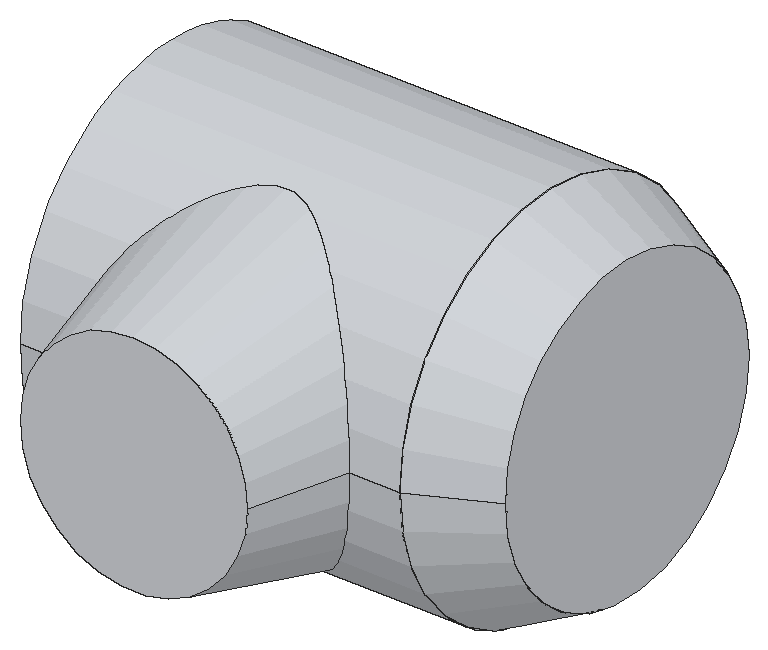
Revit family "M_T redondo com transição - Cônico", category Conexões de duto, Revit 2019
Family settings
  Cota do conector redondo = Usar raio
  Tipo de parte = Tê
  Número OmniClass = 23.75.70.14
  Título OmniClass = Air Ductwork
  ID de item do Seek = Round Tee with Transition - Conical-0000-CAN-ENU
  Com base no plano de trabalho = Não
  Sempre na vertical = Sim
  Corte com vazios quando carregada = Não
  Compartilhado = Não
Parameters (values of type "Padrão")
  built-in parameter 1114242 [instance] = (empty or 0)
  Comprimento 2 [instance] = 25 mm
  Raio do duto 4 [instance] = Diâmetro do duto 4 * 1 / 2  # 250 mm
  Raio do duto 3 [instance] = 150 mm
  Raio do duto 2 [instance] = 200 mm
  Raio do duto 1 [instance] = 250 mm
  Comprimento do duto 3 [instance] = if(Raio do duto 1 < 50 mm, Raio do duto 1, Raio do duto 1 * 0.5)  # 125 mm
  Comprimento do duto 2 [instance] = if(2 * abs(Raio do duto 1 - Raio do duto 2) > 300 mm, 300 mm, if(2 * abs(Raio do duto 1 - Raio do duto 2) < 25 mm, 25 mm, 2 * abs(Raio do duto 1 - Raio do duto 2)))  # 100 mm
  Comprimento do duto 1 [instance] = if(Raio do duto 3 < Raio do duto 4, Raio do duto 4, Raio do duto 3)  # 250 mm
  Diâmetro do duto 4 [instance] = Diâmetro do duto 1  # 500 mm
  Diâmetro do duto 3 [instance] = Raio do duto 3 * 2  # 300 mm
  Diâmetro do duto 2 [instance] = Raio do duto 2 * 2  # 400 mm
  Diâmetro do duto 1 [instance] = Raio do duto 1 * 2  # 500 mm
  Assembly Code = ""
  Ângulo [instance] = 18.00°
Reference planes
  plane 1 "Centro (Frente/Trás)": y = 0
  plane 2: z = 0
  plane 3 "Centro (Esquerda/Direita)": x = 0
  plane 4: x = -250
  plane 5 "Comprimento do duto 1": x = 250
  plane 6: x = 350
  plane 7: z = 250
  plane 8 "Raio do duto 1 - Raio do duto 3": z = 100
  plane 9: y = -375
  plane 10 "Raio do duto 1": y = -250
Forms (mm)
  Sweep 1, solid, detail levels medium+fine
    path in 3D
      loop
        line (-250, 0, 100) -> (250, 0, 100)
    profile origin (0, 0, 100) x (0, 1, 0) y (0, 0, 1)
      loop
        circle (0, -100) r 250
  Blend 2, solid, detail levels medium+fine
    base sketch origin (0, 0, 0) x (1, 0, 0) y (0, 0, 1)
      loop
        circle (0, 0) r 250
    top sketch origin (0, -250, 0) x (-1, 0, 0) y (0, 0, 1)
      loop
        circle (0, 0) r 150
    from 0 to 125
  Blend 3, solid, detail levels medium+fine
    base sketch origin (250, 1222.925, 1219.2) x (0, 1, 0) y (0, 0, 1)
      loop
        circle (-1222.925, -1219.2) r 250
    top sketch origin (250, 1222.925, 1219.2) x (0, 1, 0) y (0, 0, 1)
      loop
        circle (-1222.925, -1219.2) r 200
    from 0 to 100
Cuts and joins
  joined: Sweep 1, Blend 2
Lines and regions (mm)
  reference lines
    curve 1: line (-250, 0, 100) -> (250, 0, 100)
    curve 3: line (250, 0, 100) -> (350, 0, 100)
  sketch lines
    curve 2: line (-250, 0, 100) -> (250, 0, 100)
  model lines, detail levels coarse
    curve 4: line (-250, 0, 0) -> (0, 0, 0)
    curve 5: line (0, 0, 0) -> (350, 0, 0)
    curve 6: line (0, 0, 0) -> (0, -375, 0)
Dimensions and locks
  "Raio do duto 1": plane 7 to plane 2
  "Raio do duto 3": plane 7 to plane 8 "Raio do duto 1 - Raio do duto 3"
  "Comprimento do duto 1": plane 4 to plane 3 "Centro (Esquerda/Direita)"
  "Comprimento do duto 1": plane 3 "Centro (Esquerda/Direita)" to plane 5 "Comprimento do duto 1"
  "Comprimento do duto 3": plane 10 "Raio do duto 1" to plane 9
  "Raio do duto 1": plane 10 "Raio do duto 1" to plane 1 "Centro (Frente/Trás)"
  "Comprimento do duto 2": plane 5 "Comprimento do duto 1" to plane 6
  "Raio do duto 1": radius of Sweep 1 sketch curve
  "Raio do duto 4": radius of Blend 2 sketch curve
  "Raio do duto 3": radius of Blend 2 sketch curve
  "Raio do duto 1": radius of Blend 3 sketch curve
  "Raio do duto 2": radius of Blend 3 sketch curve
  aligned and locked: plane 4 to curve 1
  aligned and locked: plane 1 "Centro (Frente/Trás)" to curve 1
  aligned and locked: plane 1 "Centro (Frente/Trás)" to Sweep 1 sketch curve
  aligned and locked: plane 2 to Sweep 1 sketch curve
  aligned and locked: plane 3 "Centro (Esquerda/Direita)" to Blend 2 sketch curve  (x2)
  aligned and locked: plane 2 to Blend 2 sketch curve  (x2)
  aligned and locked: Blend 2 to plane 1 "Centro (Frente/Trás)"
  aligned and locked: cut or joined group of Sweep 1, Blend 2 to plane 9
  aligned and locked: plane 1 "Centro (Frente/Trás)" to Blend 3 sketch curve  (x2)
  aligned and locked: plane 2 to Blend 3 sketch curve  (x2)
  aligned and locked: plane 6 to Blend 3
  aligned and locked: plane 5 "Comprimento do duto 1" to curve 3
  aligned and locked: plane 6 to curve 3
  aligned and locked: plane 1 "Centro (Frente/Trás)" to curve 3
  aligned and locked: plane 4 to curve 4
  aligned and locked: plane 1 "Centro (Frente/Trás)" to curve 4
  aligned and locked: plane 6 to curve 5
  aligned and locked: plane 1 "Centro (Frente/Trás)" to curve 6
  aligned and locked: plane 9 to curve 6
  aligned and locked: curve 6 to plane 3 "Centro (Esquerda/Direita)"
Connectors
  hvac at (-250, 0, 0), driven by "Raio do duto 1"
    settings: on cut or joined group of Sweep 1, Blend 2, index 1, duct flow 0.0 L/s, flow factor 0, pres drop 0.0 Pa, loss coef 0, conn angle 0.00°, conn width 304.8 mm, conn height 304.8 mm, conn diameter 500 mm, duct sys type 28, conn prof type 0, flow config 0, flow direction 0, loss method 0, conn ref index 2, conn util no, is conn primary yes, conn desc ""
  hvac at (350, 0, 0), driven by "Raio do duto 2"
    settings: on Blend 3, index 2, duct flow 0.0 L/s, flow factor 0, pres drop 0.0 Pa, loss coef 0, conn angle 0.00°, conn width 304.8 mm, conn height 304.8 mm, conn diameter 400 mm, duct sys type 28, conn prof type 0, flow config 0, flow direction 0, loss method 0, conn ref index 1, conn util no, is conn primary no, conn desc ""
  hvac at (0, -375, 0), driven by "Raio do duto 3"
    settings: on cut or joined group of Sweep 1, Blend 2, index 3, duct flow 0.0 L/s, flow factor 0, pres drop 0.0 Pa, loss coef 0, conn angle 0.00°, conn width 304.8 mm, conn height 304.8 mm, conn diameter 300 mm, duct sys type 28, conn prof type 0, flow config 0, flow direction 0, loss method 0, conn ref index -1, conn util no, is conn primary no, conn desc ""
